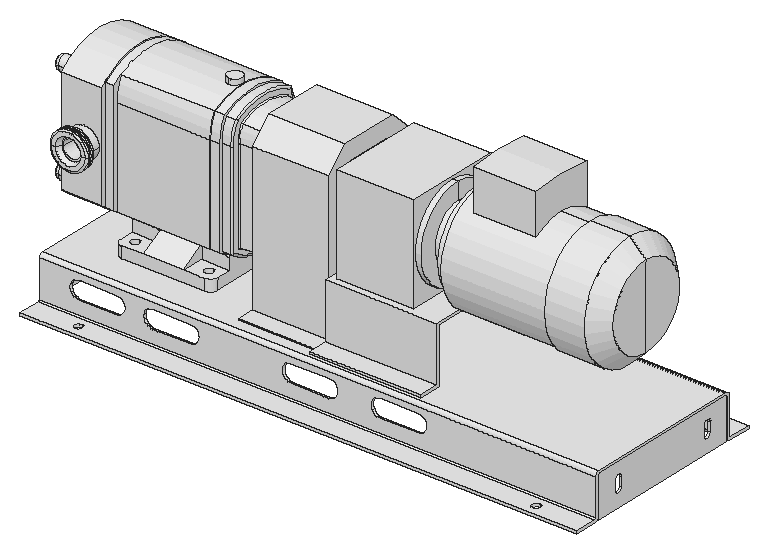
Revit family "MLP 20 - MR002 - Lobe Pump ", category Specialty Equipment, Revit 2022
Family settings
  Round Connector Dimension = Use Diameter
  Part Type = Normal
  Work Plane-Based = Yes
  Always vertical = No
  Cut with Voids When Loaded = No
  Maintain Annotation Orientation = No
  Shared = No
  Room Calculation Point = No
Parameters (values of type "MLP 20 - 0.75kW")
  URL = "https://en.ekinendustriyel.com/lobe-pumps/lobe-pumps"
  Pressure = 20.0 bar  # constant formula
  Motor Power = 0.75 kW  # constant formula
  Model = "MLP-20 TUL - MR002"
  Manufacturer = "Ekin Endüstriyel"
  Keynote = "Double Serpentine Heater Tank"
  Flow = 2.0 m³/h  # constant formula
  Description = "MIT MLP 20 - Lobe Pump"
  Default Elevation = 48"
Reference planes (in)
  plane 1 "Center (Front/Back)": y = 0
  plane 2: z = 0
  plane 3 "Center (Left/Right)": x = 0
Forms (in)
  Extrusion 1, solid, material "Ekin Endüstriyel_StainlesSteel", detail levels medium+fine
    sketch origin (0.5751, 0, 0) x (1, 0, 0) y (0, 1, 0)
      loop
        arc (-2.94291, -2.16535) -> (-2.8276, -2.44374) -> (-2.54921, -2.55906) r 0.3937
        line (-2.54921, -2.55906) -> (1.86024, -2.55906)
        arc (1.86024, -2.55906) -> (2.13862, -2.44374) -> (2.25394, -2.16535) r 0.3937
        line (2.25394, -2.16535) -> (2.25394, 2.16535)
        arc (2.25394, 2.16535) -> (2.13862, 2.44374) -> (1.86024, 2.55906) r 0.3937
        line (1.86024, 2.55906) -> (-2.54921, 2.55906)
        arc (-2.54921, 2.55906) -> (-2.8276, 2.44374) -> (-2.94291, 2.16535) r 0.3937
        line (-2.94291, 2.16535) -> (-2.94291, -2.16535)
      loop
        circle (-2.31299, 1.9685) r 0.23622
      loop
        circle (1.62402, 1.9685) r 0.23622
      loop
        circle (1.62402, -1.9685) r 0.23622
      loop
        circle (-2.31299, -1.9685) r 0.23622
    from 0 to 0.59055
  Extrusion 2, solid, material "Ekin Endüstriyel_StainlesSteel", detail levels medium+fine
    sketch origin (0, 0, 0) x (0, 1, 0) y (0, 0, 1)
      loop
        arc (2.55906, 7.79528) -> (0, 8.77953) -> (-2.55906, 7.79528) r 3.8189
        line (-2.55906, 7.79528) -> (-2.55906, 2.12598)
        arc (-2.55906, 2.12598) -> (0, 1.14173) -> (2.55906, 2.12598) r 3.8189
        line (2.55906, 2.12598) -> (2.55906, 7.79528)
    from -3.04134 to -5.20669
  Extrusion 3, solid, material "Ekin Endüstriyel_StainlesSteel", detail levels medium+fine
    sketch origin (0, 0, 0) x (0, 1, 0) y (0, 0, 1)
      loop
        arc (-2.3622, 1.95997) -> (0, 1.14173) -> (2.3622, 1.95997) r 3.8189
        line (2.3622, 1.95997) -> (2.3622, 7.96129)
        arc (2.3622, 7.96129) -> (0, 8.77953) -> (-2.3622, 7.96129) r 3.8189
        line (-2.3622, 7.96129) -> (-2.3622, 1.95997)
    from -3.04134 to -2.5689
  Extrusion 4, solid, material "Ekin Endüstriyel_StainlesSteel", detail levels medium+fine
    sketch origin (0, 0, 0) x (0, 1, 0) y (0, 0, 1)
      loop
        arc (-1.88976, 8.27918) -> (-2.12471, 7.68993) -> (-2.20472, 7.06063) r 2.51469
        line (-2.20472, 7.06063) -> (-2.20472, 1.84243)
        arc (-2.20472, 1.84243) -> (0, 1.14173) -> (2.20472, 1.84243) r 3.8189
        line (2.20472, 1.84243) -> (2.20472, 6.68734)
        arc (2.20472, 6.68734) -> (2.12523, 7.49869) -> (1.88976, 8.27918) r 4.18012
        arc (1.88976, 8.27918) -> (0, 8.77953) -> (-1.88976, 8.27918) r 3.8189
    from -2.5689 to 2.41142
  Sweep 5, solid, material "Ekin Endüstriyel_StainlesSteel", detail levels medium+fine
    path in 3D
      loop
        arc (2.41142, 1.88976, 8.27918) -> (2.41142, 2.12523, 7.49869) -> (2.41142, 2.20472, 6.68734) r 4.18012
        line (2.41142, 2.20472, 6.68734) -> (2.41142, 2.20472, 1.84243)
        arc (2.41142, 2.20472, 1.84243) -> (2.41142, 0, 1.14173) -> (2.41142, -2.20472, 1.84243) r 3.8189
        line (2.41142, -2.20472, 1.84243) -> (2.41142, -2.20472, 7.06063)
        arc (2.41142, -2.20472, 7.06063) -> (2.41142, -2.12471, 7.68993) -> (2.41142, -1.88976, 8.27918) r 2.51469
        arc (2.41142, -1.88976, 8.27918) -> (2.41142, 0, 8.77953) -> (2.41142, 1.88976, 8.27918) r 3.8189
    profile origin (2.41142, 0, 8.77953) x (0, 0, 1) y (1, 0, 0)
      loop
        line (-0.07874, 0.55118) -> (-0.07874, 1.06392)
        arc (-0.07874, 1.06392) -> (-0.10153, 1.11894) -> (-0.15655, 1.14173) r 0.07781
        line (-0.15655, 1.14173) -> (-0.40811, 1.14173)
        arc (-0.40811, 1.14173) -> (-0.45533, 1.1601) -> (-0.47774, 1.20553) r 0.06989
        line (-0.47774, 1.20553) -> (-0.58912, 2.4787)
        arc (-0.58912, 2.4787) -> (-0.61577, 2.53273) -> (-0.67191, 2.55456) r 0.0831
        line (-0.67191, 2.55456) -> (-0.82285, 2.55456) -> (-0.82285, 0.55118) -> (-0.82285, 0) -> (0, 0) -> (0, 0.55118) -> (-0.07874, 0.55118)
  Extrusion 6, solid, material "Ekin Endüstriyel_StainlesSteel", detail levels medium+fine
    sketch origin (0, 0, 0) x (0, 1, 0) y (0, 0, 1)
      loop
        arc (-1.26597, 7.67608) -> (-1.35265, 7.37376) -> (-1.38188, 7.06063) r 1.69184
        line (-1.38188, 7.06063) -> (-1.38188, 2.3023)
        arc (-1.38188, 2.3023) -> (0, 1.96458) -> (1.38188, 2.3023) r 2.99605
        line (1.38188, 2.3023) -> (1.38188, 6.68734)
        arc (1.38188, 6.68734) -> (1.34306, 7.1964) -> (1.2275, 7.69368) r 3.35728
        arc (1.2275, 7.69368) -> (-0.02115, 7.95661) -> (-1.26597, 7.67608) r 2.99605
    from 2.41142 to 4.96598
  Revolve 7, solid, material "Ekin Endüstriyel_StainlesSteel", detail levels medium+fine
    sketch origin (0, 0, 2.37219) x (1, 0, 0) y (0, 1, 0)
      loop
        line (-5.20669, 1.96048) -> (-5.86006, 1.96048)
        arc (-5.86006, 1.96048) -> (-5.93689, 1.94951) -> (-6.00757, 1.91745) r 0.27436
        arc (-6.00757, 1.91745) -> (-6.14408, 1.77012) -> (-6.19094, 1.5748) r 0.39679
        line (-6.19094, 1.5748) -> (-5.20669, 1.5748) -> (-5.20669, 1.96048)
      axis (-5.20669, 1.5748) -> (-6.19094, 1.5748)
    angle from 0 to 360
  Revolve 8, solid, material "Ekin Endüstriyel_StainlesSteel", detail levels medium+fine
    sketch origin (0, 0, 7.55182) x (1, 0, 0) y (0, 1, 0)
      loop
        line (-5.20669, 1.96048) -> (-5.86006, 1.96048)
        arc (-5.86006, 1.96048) -> (-5.93689, 1.94951) -> (-6.00757, 1.91745) r 0.27436
        arc (-6.00757, 1.91745) -> (-6.14408, 1.77012) -> (-6.19094, 1.5748) r 0.39679
        line (-6.19094, 1.5748) -> (-5.20669, 1.5748) -> (-5.20669, 1.96048)
      axis (-5.20669, 1.5748) -> (-6.19094, 1.5748)
    angle from 0 to 360
  Revolve 9, solid, material "Ekin Endüstriyel_StainlesSteel", detail levels medium+fine
    sketch origin (0, 0, 2.37219) x (1, 0, 0) y (0, 1, 0)
      loop
        line (-5.20669, -1.96048) -> (-5.20669, -1.5748) -> (-6.19094, -1.5748)
        arc (-6.19094, -1.5748) -> (-6.14408, -1.77012) -> (-6.00757, -1.91745) r 0.39679
        arc (-6.00757, -1.91745) -> (-5.93689, -1.94951) -> (-5.86006, -1.96048) r 0.27436
        line (-5.86006, -1.96048) -> (-5.20669, -1.96048)
      axis (-5.20669, -1.5748) -> (-6.19094, -1.5748)
    angle from 0 to 360
  Revolve 10, solid, material "Ekin Endüstriyel_StainlesSteel", detail levels medium+fine
    sketch origin (0, 0, 7.55182) x (1, 0, 0) y (0, 1, 0)
      loop
        line (-5.20669, -1.96048) -> (-5.20669, -1.5748) -> (-6.19094, -1.5748)
        arc (-6.19094, -1.5748) -> (-6.14408, -1.77012) -> (-6.00757, -1.91745) r 0.39679
        arc (-6.00757, -1.91745) -> (-5.93689, -1.94951) -> (-5.86006, -1.96048) r 0.27436
        line (-5.86006, -1.96048) -> (-5.20669, -1.96048)
      axis (-5.20669, -1.5748) -> (-6.19094, -1.5748)
    angle from 0 to 360
  Extrusion 11, solid, material "Ekin Endüstriyel_StainlesSteel"
    sketch origin (-5.20669, 0, 0) x (0, -1, 0) y (0, 0, 1)
      loop
        circle (0, 4.96063) r 1.9685
    from 0 to 0.3937
  Extrusion 12, solid, material "Ekin Endüstriyel_StainlesSteel", detail levels fine
    sketch origin (4.22244, 0, 6.02362) x (0, 0, 1) y (0, 1, 0)
      loop
        circle (0, 0) r 0.43307
    from -2.57874 to -0.74803
  Extrusion 13, void
    sketch origin (0, 0, 0) x (1, 0, 0) y (0, 0, 1)
      loop
        line (6.80118, 6.13969) -> (5.69991, 6.13969)
        arc (5.69991, 6.13969) -> (5.5818, 6.02158) -> (5.69991, 5.90347) r 0.11811
        line (5.69991, 5.90347) -> (6.80118, 5.90347) -> (6.80118, 6.13969)
    from 0.19685 to 0.53788
  Extrusion 14, solid, material "Ekin Endüstriyel_StainlesSteel", detail levels medium+fine
    sketch origin (0.5751, 0, 0) x (0, 1, 0) y (0, 0, 1)
      loop
        line (2.55906, 0.59055) -> (1.24375, 1.34994)
        arc (1.24375, 1.34994) -> (0, 1.14173) -> (-1.24375, 1.34994) r 3.8189
        line (-1.24375, 1.34994) -> (-2.55906, 0.59055) -> (2.55906, 0.59055)
    from -1.42655 to 0.73145
  Extrusion 15, solid, material "Ekin Endüstriyel_StainlesSteel", detail levels medium+fine
    sketch origin (0.5751, 0, 0) x (0, 1, 0) y (0, 0, 1)
      loop
        line (1.33982, 1.29448) -> (1.24375, 1.34994)
        arc (1.24375, 1.34994) -> (0, 1.14173) -> (-1.24375, 1.34994) r 3.8189
        line (-1.24375, 1.34994) -> (-1.33985, 1.29446)
        arc (-1.33985, 1.29446) -> (-1.36774, 1.26657) -> (-1.37795, 1.22846) r 0.07621
        line (-1.37795, 1.22846) -> (-1.37795, 0.59055) -> (1.37795, 0.59055) -> (1.37795, 1.22843)
        arc (1.37795, 1.22843) -> (1.36774, 1.26656) -> (1.33982, 1.29448) r 0.07626
    from -2.94291 to 2.25394
  Extrusion 16, solid, material "Ekin Endüstriyel_StainlesSteel", detail levels medium+fine
    sketch origin (1.73228, 0, 0) x (1, 0, 0) y (0, 1, 0)
      loop
        circle (0.24606, 0) r 0.3937
    from 8.7471 to 9.01575
  Extrusion 17, solid, material "Ekin Endüstriyel_StainlesSteel", detail levels coarse+medium
    sketch origin (-5.20669, 0, 0) x (0, -1, 0) y (0, 0, 1)
      loop
        circle (-1.5748, 7.55182) r 0.38568
      loop
        circle (1.5748, 7.55182) r 0.38568
      loop
        circle (1.5748, 2.37219) r 0.38568
      loop
        circle (-1.5748, 2.37219) r 0.38568
    from 0 to 1.00934
  Extrusion 18, solid, material "Ekin Endüstriyel_StainlesSteel", detail levels coarse+medium
    sketch origin (4.22244, 0, 6.02362) x (0, 0, 1) y (0, 1, 0)
      loop
        circle (0, 0) r 0.43307
    from -2.57874 to -0.74803
  Extrusion 19, solid, material "Ekin Endüstriyel_StainlesSteel", detail levels coarse
    sketch origin (0, 0, 0) x (0, 1, 0) y (0, 0, 1)
      loop
        arc (2.55906, 7.79528) -> (0, 8.77953) -> (-2.55906, 7.79528) r 3.8189
        line (-2.55906, 7.79528) -> (-2.55906, 2.12598)
        arc (-2.55906, 2.12598) -> (0, 1.14173) -> (2.55906, 2.12598) r 3.8189
        line (2.55906, 2.12598) -> (2.55906, 7.79528)
    from 4.97047 to -5.20669
  Extrusion 20, solid, material "Ekin Endüstriyel_StainlesSteel", detail levels coarse
    sketch origin (0.5751, 0, 0) x (1, 0, 0) y (0, 1, 0)
      loop
        arc (-2.94291, -2.16535) -> (-2.8276, -2.44374) -> (-2.54921, -2.55906) r 0.3937
        line (-2.54921, -2.55906) -> (1.86024, -2.55906)
        arc (1.86024, -2.55906) -> (2.13862, -2.44374) -> (2.25394, -2.16535) r 0.3937
        line (2.25394, -2.16535) -> (2.25394, 2.16535)
        arc (2.25394, 2.16535) -> (2.13862, 2.44374) -> (1.86024, 2.55906) r 0.3937
        line (1.86024, 2.55906) -> (-2.54921, 2.55906)
        arc (-2.54921, 2.55906) -> (-2.8276, 2.44374) -> (-2.94291, 2.16535) r 0.3937
        line (-2.94291, 2.16535) -> (-2.94291, -2.16535)
    from 0 to 0.59055
  Extrusion 21, solid, material "Ekin Endüstriyel_StainlesSteel", detail levels coarse
    sketch origin (0.5751, 0, 0) x (0, 1, 0) y (0, 0, 1)
      loop
        line (1.33982, 1.29448) -> (1.24375, 1.34994)
        arc (1.24375, 1.34994) -> (0, 1.14173) -> (-1.24375, 1.34994) r 3.8189
        line (-1.24375, 1.34994) -> (-1.33985, 1.29446)
        arc (-1.33985, 1.29446) -> (-1.36774, 1.26657) -> (-1.37795, 1.22846) r 0.07621
        line (-1.37795, 1.22846) -> (-1.37795, 0.59055) -> (1.37795, 0.59055) -> (1.37795, 1.22843)
        arc (1.37795, 1.22843) -> (1.36774, 1.26656) -> (1.33982, 1.29448) r 0.07626
    from -2.94291 to 2.25394
  Extrusion 22, solid, material "Ekin Endüstriyel_StainlesSteel", detail levels medium
    sketch origin (0.17389, 0, -0.00323) x (1, 0, 0) y (0, 0, -1)
      loop
        arc (-3.68286, -4.84818) -> (-4.18286, -4.34892) -> (-4.68285, -4.84818) r 0.5
        arc (-4.68285, -4.84818) -> (-4.18286, -5.34744) -> (-3.68286, -4.84818) r 0.5
      loop
        circle (-4.18286, -4.84791) r 0.99283
    from 2.55906 to 3.60112
  Extrusion 23, solid, material "Ekin Endüstriyel_StainlesSteel", detail levels coarse
    sketch origin (0.17389, 0, -0.00323) x (1, 0, 0) y (0, 0, -1)
      loop
        circle (-4.18286, -4.84744) r 0.99283
    from 2.55906 to 3.60112
  Revolve 24, solid, material "Ekin Endüstriyel_StainlesSteel", detail levels fine
    sketch origin (0.17389, 0, 4.84421) x (1, 0, 0) y (0, 1, 0)
      loop
        line (-4.98373, 2.55906) -> (-4.68286, 2.55906) -> (-4.68286, 3.32656) -> (-4.77298, 3.32656) -> (-4.87291, 3.60112) -> (-5.0934, 3.60112) -> (-5.17569, 3.55362) -> (-5.09681, 3.50808) -> (-5.17569, 3.46254) -> (-5.09681, 3.417) -> (-5.17569, 3.37146) -> (-5.09675, 3.32588) -> (-5.17569, 3.28031) -> (-5.09681, 3.23477) -> (-5.17654, 3.18874) -> (-4.98373, 3.18874) -> (-4.98373, 2.55906)
      axis (-4.18286, 2.55906) -> (-4.18286, 3.60112)
    angle from 0 to 360
  Extrusion 25, solid, material "Ekin Endüstriyel_StainlesSteel", detail levels medium
    sketch origin (0.17389, 0, -0.00323) x (1, 0, 0) y (0, 0, 1)
      loop
        arc (-3.68286, 4.84818) -> (-4.18286, 5.34744) -> (-4.68285, 4.84818) r 0.5
        arc (-4.68285, 4.84818) -> (-4.18286, 4.34892) -> (-3.68286, 4.84818) r 0.5
      loop
        circle (-4.18286, 4.84791) r 0.99283
    from 2.55906 to 3.60112
  Extrusion 26, solid, material "Ekin Endüstriyel_StainlesSteel", detail levels coarse
    sketch origin (0.17389, 0, -0.00323) x (1, 0, 0) y (0, 0, 1)
      loop
        circle (-4.18286, 4.84744) r 0.99283
    from 2.55906 to 3.60112
  Revolve 27, solid, material "Ekin Endüstriyel_StainlesSteel", detail levels fine
    sketch origin (0.17389, 0, 4.84421) x (1, 0, 0) y (0, 1, 0)
      loop
        line (-4.98373, -2.55906) -> (-4.98373, -3.18874) -> (-5.17654, -3.18874) -> (-5.09681, -3.23477) -> (-5.17569, -3.28031) -> (-5.09675, -3.32588) -> (-5.17569, -3.37146) -> (-5.09681, -3.417) -> (-5.17569, -3.46254) -> (-5.09681, -3.50808) -> (-5.17569, -3.55362) -> (-5.0934, -3.60112) -> (-4.87291, -3.60112) -> (-4.77298, -3.32656) -> (-4.68286, -3.32656) -> (-4.68286, -2.55906) -> (-4.98373, -2.55906)
      axis (-4.18286, -2.55906) -> (-4.18286, -3.60112)
    angle from 0 to 360
  Extrusion 28, solid, material "Ekin Endüstriyel_StainlesSteel"
    sketch origin (0, 0, 0) x (0, 1, 0) y (0, 0, 1)
      loop
        line (5.70866, -2.24409) -> (4.50787, -2.24409)
        arc (4.50787, -2.24409) -> (4.4522, -2.22103) -> (4.42913, -2.16535) r 0.07874
        line (4.42913, -2.16535) -> (4.42913, -0.19685)
        arc (4.42913, -0.19685) -> (4.37148, -0.05766) -> (4.23228, 0) r 0.19685
        line (4.23228, 0) -> (-4.23228, 0)
        arc (-4.23228, 0) -> (-4.37148, -0.05766) -> (-4.42913, -0.19685) r 0.19685
        line (-4.42913, -0.19685) -> (-4.42913, -2.16535)
        arc (-4.42913, -2.16535) -> (-4.4522, -2.22103) -> (-4.50787, -2.24409) r 0.07874
        line (-4.50787, -2.24409) -> (-5.70866, -2.24409) -> (-5.70866, -2.3622) -> (-4.50787, -2.3622)
        arc (-4.50787, -2.3622) -> (-4.36868, -2.30455) -> (-4.31102, -2.16535) r 0.19685
        line (-4.31102, -2.16535) -> (-4.31102, -0.19685)
        arc (-4.31102, -0.19685) -> (-4.28796, -0.14117) -> (-4.23228, -0.11811) r 0.07874
        line (-4.23228, -0.11811) -> (4.23228, -0.11811)
        arc (4.23228, -0.11811) -> (4.28796, -0.14117) -> (4.31102, -0.19685) r 0.07874
        line (4.31102, -0.19685) -> (4.31102, -2.16535)
        arc (4.31102, -2.16535) -> (4.36868, -2.30455) -> (4.50787, -2.3622) r 0.19685
        line (4.50787, -2.3622) -> (5.70866, -2.3622) -> (5.70866, -2.24409)
    from -4.89173 to 24.79331
  Extrusion 29, void
    sketch origin (0, -4.42913, -0.19685) x (0, 0, -1) y (1, 0, 0)
      loop
        line (0.29528, -0.79724) -> (0.29528, -2.76575)
        arc (0.29528, -2.76575) -> (0.7874, -3.25787) -> (1.27953, -2.76575) r 0.49213
        line (1.27953, -2.76575) -> (1.27953, -0.79724)
        arc (1.27953, -0.79724) -> (0.7874, -0.30512) -> (0.29528, -0.79724) r 0.49213
      loop
        arc (0.29528, 1.17126) -> (0.7874, 0.67913) -> (1.27953, 1.17126) r 0.49213
        line (1.27953, 1.17126) -> (1.27953, 3.13976)
        arc (1.27953, 3.13976) -> (0.7874, 3.63189) -> (0.29528, 3.13976) r 0.49213
        line (0.29528, 3.13976) -> (0.29528, 1.17126)
      loop
        line (0.29528, 10.54134) -> (0.29528, 8.57283)
        arc (0.29528, 8.57283) -> (0.7874, 8.08071) -> (1.27953, 8.57283) r 0.49213
        line (1.27953, 8.57283) -> (1.27953, 10.54134)
        arc (1.27953, 10.54134) -> (0.7874, 11.03346) -> (0.29528, 10.54134) r 0.49213
      loop
        arc (0.29528, 13.29724) -> (0.7874, 12.80512) -> (1.27953, 13.29724) r 0.49213
        line (1.27953, 13.29724) -> (1.27953, 15.26575)
        arc (1.27953, 15.26575) -> (0.7874, 15.75787) -> (0.29528, 15.26575) r 0.49213
        line (0.29528, 15.26575) -> (0.29528, 13.29724)
    from 0 to -8.85827
  Extrusion 30, solid, material "Ekin Endüstriyel_StainlesSteel", detail levels medium+fine
    sketch origin (-4.89173, 0, 0) x (0, -1, 0) y (0, 0, 1)
      loop
        line (-4.23228, -2.3622) -> (4.23228, -2.3622) -> (4.23228, -0.11811) -> (-4.23228, -0.11811) -> (-4.23228, -2.3622)
      loop
        arc (-2.71654, -0.94488) -> (-2.95276, -0.70866) -> (-3.18898, -0.94488) r 0.23622
        line (-3.18898, -0.94488) -> (-3.18898, -1.41732)
        arc (-3.18898, -1.41732) -> (-2.95276, -1.65354) -> (-2.71654, -1.41732) r 0.23622
        line (-2.71654, -1.41732) -> (-2.71654, -0.94488)
      loop
        arc (3.18898, -0.94488) -> (2.95276, -0.70866) -> (2.71654, -0.94488) r 0.23622
        line (2.71654, -0.94488) -> (2.71654, -1.41732)
        arc (2.71654, -1.41732) -> (2.95276, -1.65354) -> (3.18898, -1.41732) r 0.23622
        line (3.18898, -1.41732) -> (3.18898, -0.94488)
    from 0 to -0.11811
  Extrusion 31, solid, material "Ekin Endüstriyel_StainlesSteel", detail levels medium+fine
    sketch origin (24.6752, 0, 0) x (0, -1, 0) y (0, 0, 1)
      loop
        line (-4.23228, -2.3622) -> (4.23228, -2.3622) -> (4.23228, -0.11811) -> (-4.23228, -0.11811) -> (-4.23228, -2.3622)
      loop
        arc (-2.71654, -0.94488) -> (-2.95276, -0.70866) -> (-3.18898, -0.94488) r 0.23622
        line (-3.18898, -0.94488) -> (-3.18898, -1.41732)
        arc (-3.18898, -1.41732) -> (-2.95276, -1.65354) -> (-2.71654, -1.41732) r 0.23622
        line (-2.71654, -1.41732) -> (-2.71654, -0.94488)
      loop
        arc (3.18898, -0.94488) -> (2.95276, -0.70866) -> (2.71654, -0.94488) r 0.23622
        line (2.71654, -0.94488) -> (2.71654, -1.41732)
        arc (2.71654, -1.41732) -> (2.95276, -1.65354) -> (3.18898, -1.41732) r 0.23622
        line (3.18898, -1.41732) -> (3.18898, -0.94488)
    from 0 to -0.11811
  Extrusion 32, void
    sketch origin (0, 0, 0) x (1, 0, 0) y (0, 1, 0)
      loop
        circle (22.15551, 5.11811) r 0.21654
      loop
        circle (-2.25394, 5.11811) r 0.21654
      loop
        circle (-2.25394, -5.11811) r 0.21654
      loop
        circle (22.15551, -5.11811) r 0.21654
    from -2.3622 to -2.24409
  Extrusion 33, solid, material "Ekin Endüstriyel_StainlesSteel", detail levels coarse
    sketch origin (0, 0, 0) x (1, 0, 0) y (0, 1, 0)
      loop
        line (-4.89173, -5.70866) -> (24.79331, -5.70866) -> (24.79331, 5.70866) -> (-4.89173, 5.70866) -> (-4.89173, -5.70866)
    from 0 to -2.3622
  Extrusion 34, solid, material "Ekin Endüstriyel_StainlesSteel", detail levels medium+fine
    sketch origin (4.97047, 0, 0) x (0, 1, 0) y (0, 0, 1)
      loop
        line (-2.67923, 7.87349) -> (-2.67923, 0.05903) -> (-3.61548, 0.05903) -> (-3.61548, 0) -> (-1.72923, 0) -> (-1.72923, 7.47999) -> (-1.21364, 7.99558) -> (1.21372, 7.99558) -> (1.72931, 7.47999) -> (1.72931, 0) -> (3.61556, 0) -> (3.61556, 0.05903) -> (2.67931, 0.05903) -> (2.67931, 7.87349) -> (1.60722, 8.94558) -> (-1.60714, 8.94558) -> (-2.67923, 7.87349)
    from 0.09732 to 4.15561
  Extrusion 35, solid, material "Ekin Endüstriyel_StainlesSteel", detail levels coarse
    sketch origin (0, 0, 0) x (0, 1, 0) y (0, 0, 1)
      loop
        line (-2.95276, 3.07087) -> (-2.95276, 0) -> (2.95276, 0) -> (2.95276, 3.07087) -> (-2.95276, 3.07087)
    from 9.20276 to 15.10827
  Extrusion 36, solid, material "Ekin Endüstriyel_StainlesSteel", detail levels coarse
    sketch origin (4.97047, 0, 0) x (0, 1, 0) y (0, 0, 1)
      loop
        line (-2.67923, 7.87349) -> (-2.67923, 0) -> (2.67931, 0) -> (2.67931, 7.87349) -> (1.60722, 8.94558) -> (-1.60714, 8.94558) -> (-2.67923, 7.87349)
    from 0.09732 to 4.15561
  Extrusion 37, solid, material "Ekin Endüstriyel_StainlesSteel", detail levels medium+fine
    sketch origin (0, 0, 0) x (0, 1, 0) y (0, 0, 1)
      loop
        line (-4.01575, 0.11811) -> (-4.01575, 0) -> (-2.83465, 0) -> (-2.83465, 2.95276) -> (2.83465, 2.95276) -> (2.83465, 0) -> (4.01575, 0) -> (4.01575, 0.11811) -> (2.95276, 0.11811) -> (2.95276, 3.07087) -> (-2.95276, 3.07087) -> (-2.95276, 0.11811) -> (-4.01575, 0.11811)
    from 9.20276 to 15.10827
  Extrusion 38, solid, material "Ekin Endüstriyel_StainlesSteel", detail levels coarse
    sketch origin (0, 0, 0) x (0, 1, 0) y (0, 0, 1)
      loop
        circle (-0.00006, 5.68641) r 3.05788
    from 13.67561 to 23.92156
  Extrusion 39, solid, material "Ekin Endüstriyel_StainlesSteel", detail levels coarse
    sketch origin (0, 0, 0) x (0, 1, 0) y (0, 0, 1)
      loop
        line (-2.55913, 3.07087) -> (2.6008, 3.07087) -> (2.6008, 8.40858) -> (-2.55913, 8.40858) -> (-2.55913, 3.07087)
    from 9.12608 to 13.67561
  Revolve 40, solid, material "Ekin Endüstriyel_StainlesSteel", detail levels medium+fine
    sketch origin (0, -0.01526, 2.87402) x (0, 0, -1) y (1, 0, 0)
      loop
        line (-2.81331, 23.91825) -> (-5.01203, 23.91825) -> (-5.86733, 23.06295) -> (-5.86733, 20.95297) -> (-5.76618, 20.95297) -> (-5.76618, 15.36344) -> (-5.34866, 15.36344) -> (-5.34866, 14.85575) -> (-4.39481, 14.85575) -> (-4.39481, 13.9138) -> (-5.27384, 13.9138) -> (-5.27384, 13.552) -> (-2.81331, 13.552) -> (-2.81331, 23.91825)
      loop
        line (-4.81166, 9.12608) -> (-2.81331, 9.12608) -> (-2.81331, 9.48883) -> (-4.83702, 9.48883) -> (-4.81166, 9.12608)
      axis (-2.81331, 9.12608) -> (-2.81331, 23.91825)
    angle from 0 to 360
  Extrusion 41, solid, material "Ekin Endüstriyel_StainlesSteel", detail levels medium+fine
    sketch origin (23.91825, -0.01526, 5.68732) x (0, 1, 0) y (0, 0, 1)
      loop
        line (-1.65858, 1.61342) -> (1.68951, 1.61342) -> (1.68951, 4.61469)
        arc (1.68951, 4.61469) -> (0.01536, 4.74893) -> (-1.65858, 4.61214) r 10.40797
        line (-1.65858, 4.61214) -> (-1.65858, 1.61342)
    from -7.88069 to -4.53406
  Extrusion 42, solid, material "Ekin Endüstriyel_StainlesSteel", detail levels medium+fine
    sketch origin (0, -2.75591, 3.07087) x (0, 1, 0) y (-1, 0, 0)
      loop
        line (5.32619, -13.552) -> (5.32619, -9.48883) -> (0.18947, -9.48883) -> (0.18947, -13.552) -> (5.32619, -13.552)
    from 0 to 5.18683
Cuts and joins
  joined: Sweep 5, Extrusion 6
  Extrusion 13 cuts Extrusion 12
  joined: Extrusion 3, Extrusion 4, Extrusion 16
  joined: Extrusion 1, Extrusion 14, Extrusion 15
  Extrusion 29, Extrusion 32 cuts Extrusion 28
  joined: Revolve 40, Extrusion 41
Lines and regions (in)
  sketch lines
    curve 1: arc (2.41142, -1.88976, 8.27918) -> (2.41142, 0, 8.77953) -> (2.41142, 1.88976, 8.27918) r 3.8189
    curve 2: arc (2.41142, -2.20472, 7.06063) -> (2.41142, -2.12471, 7.68993) -> (2.41142, -1.88976, 8.27918) r 2.51469
    curve 3: line (2.41142, -2.20472, 7.06063) -> (2.41142, -2.20472, 1.84243)
    curve 4: arc (2.41142, 2.20472, 1.84243) -> (2.41142, 0, 1.14173) -> (2.41142, -2.20472, 1.84243) r 3.8189
    curve 5: line (2.41142, 2.20472, 1.84243) -> (2.41142, 2.20472, 6.68734)
    curve 6: arc (2.41142, 1.88976, 8.27918) -> (2.41142, 2.12523, 7.49869) -> (2.41142, 2.20472, 6.68734) r 4.18012
Dimensions and locks (in)
  aligned and locked: level to plane 2
Automatic sketch dimensions
  Extrusion 1 sketch curve to Extrusion 1 sketch curve = 0"  (x8)
  Extrusion 1 sketch curve to plane 3 "Center (Left/Right)" = 2.36782"
  Extrusion 1 sketch curve to Extrusion 1 sketch curve = 0.3937"  (x3)
  Extrusion 1 sketch curve to Extrusion 1 sketch curve = 0.23622"  (x8)
  plane 3 "Center (Left/Right)" to Extrusion 1 sketch curve = 2.19911"  (x2)
  plane 1 "Center (Front/Back)" to Extrusion 1 sketch curve = 2.55906"
  Extrusion 1 sketch curve to Extrusion 1 sketch curve = 0.19685"  (x3)
  Extrusion 1 sketch curve to plane 1 "Center (Front/Back)" = 1.9685"  (x2)
  Extrusion 2 sketch curve to Extrusion 2 sketch curve = 0"  (x2)
  Extrusion 2 sketch curve to plane 1 "Center (Front/Back)" = 0"
  plane 1 "Center (Front/Back)" to Extrusion 2 sketch curve = 2.55906"
  Extrusion 2 sketch curve to plane 1 "Center (Front/Back)" = 2.55906"
  level to Extrusion 2 sketch curve = 2.12598"
  Extrusion 2 sketch curve to Extrusion 2 sketch curve = 2.83465"  (x2)
  Extrusion 3 sketch curve to Extrusion 3 sketch curve = 0"  (x2)
  Extrusion 3 sketch curve to plane 1 "Center (Front/Back)" = 0"
  plane 1 "Center (Front/Back)" to Extrusion 3 sketch curve = 2.3622"
  Extrusion 3 sketch curve to plane 1 "Center (Front/Back)" = 2.3622"
  level to Extrusion 3 sketch curve = 1.95997"
  Extrusion 3 sketch curve to Extrusion 3 sketch curve = 3.00066"  (x2)
  Extrusion 4 sketch curve to Extrusion 4 sketch curve = 0"  (x2)
  Extrusion 4 sketch curve to plane 1 "Center (Front/Back)" = 0"
  plane 1 "Center (Front/Back)" to Extrusion 4 sketch curve = 1.9754"
  Extrusion 4 sketch curve to Extrusion 4 sketch curve = 0.22933"
  Extrusion 4 sketch curve to plane 1 "Center (Front/Back)" = 0.30997"
  Extrusion 4 sketch curve to plane 1 "Center (Front/Back)" = 2.20472"
  level to Extrusion 4 sketch curve = 1.84243"
  Extrusion 4 sketch curve to Extrusion 4 sketch curve = 3.1182"
  Extrusion 4 sketch curve to Extrusion 4 sketch curve = 1.72671"
  Extrusion 4 sketch curve to Extrusion 4 sketch curve = 0.37329"
  Extrusion 4 sketch curve to Extrusion 4 sketch curve = 0.31496"
  Sweep 5 sketch curve to profile plane = 0"  (x2)
  profile plane to Sweep 5 sketch curve = 0.07874"
  Sweep 5 sketch curve to Sweep 5 sketch curve = 0.07781"
  Sweep 5 sketch curve to Sweep 5 sketch curve = 0.25156"
  Sweep 5 sketch curve to Sweep 5 sketch curve = 0.06963"
  profile plane to Sweep 5 sketch curve = 0.58912"
  Sweep 5 sketch curve to Sweep 5 sketch curve = 0.08278"
  Sweep 5 sketch curve to Sweep 5 sketch curve = 0.15094"
  profile plane to Sweep 5 sketch curve = 0.55118"  (x2)
  Sweep 5 sketch curve to Sweep 5 sketch curve = 0.51274"
  Sweep 5 sketch curve to Sweep 5 sketch curve = 0.0638"
  Sweep 5 sketch curve to Sweep 5 sketch curve = 1.26593"
  Sweep 5 sketch curve to Sweep 5 sketch curve = 0.00724"
  Extrusion 6 sketch curve to Extrusion 6 sketch curve = 0"  (x2)
  Extrusion 6 sketch curve to plane 1 "Center (Front/Back)" = 0"
  plane 1 "Center (Front/Back)" to Extrusion 6 sketch curve = 1.38188"
  Extrusion 6 sketch curve to Extrusion 6 sketch curve = 0.59352"
  Extrusion 6 sketch curve to plane 1 "Center (Front/Back)" = 0.30997"
  Extrusion 6 sketch curve to plane 1 "Center (Front/Back)" = 1.38188"
  level to Extrusion 6 sketch curve = 2.3023"
  Extrusion 6 sketch curve to Extrusion 6 sketch curve = 2.65833"
  Extrusion 6 sketch curve to Extrusion 6 sketch curve = 1.72671"
  Extrusion 6 sketch curve to Extrusion 6 sketch curve = 0.37329"
  Extrusion 6 sketch curve to Extrusion 6 sketch curve = 0.11591"
  Revolve 7 sketch curve to plane 1 "Center (Front/Back)" = 1.5748"
  Revolve 7 sketch curve to plane 3 "Center (Left/Right)" = 6.19094"
  Revolve 7 sketch curve to Revolve 7 sketch curve = 0.33088"
  Revolve 7 sketch curve to Revolve 7 sketch curve = 0.06583"
  Revolve 7 sketch curve to Revolve 7 sketch curve = 0.58754"
  Revolve 7 sketch curve to Revolve 7 sketch curve = 0.00809"
  Revolve 7 sketch curve to Revolve 7 sketch curve = 0.10324"
  Revolve 7 sketch curve to Revolve 7 sketch curve = 0.04303"
  Revolve 7 sketch curve to Revolve 7 sketch curve = 0"  (x2)
  Revolve 7 sketch curve to Revolve 7 sketch curve = 0.43306"
  Revolve 8 sketch curve to plane 1 "Center (Front/Back)" = 1.5748"
  Revolve 8 sketch curve to plane 3 "Center (Left/Right)" = 6.19094"
  Revolve 8 sketch curve to Revolve 8 sketch curve = 0.33088"
  Revolve 8 sketch curve to Revolve 8 sketch curve = 0.06583"
  Revolve 8 sketch curve to Revolve 8 sketch curve = 0.58754"
  Revolve 8 sketch curve to Revolve 8 sketch curve = 0.00809"
  Revolve 8 sketch curve to Revolve 8 sketch curve = 0.10324"
  Revolve 8 sketch curve to Revolve 8 sketch curve = 0.04303"
  Revolve 8 sketch curve to Revolve 8 sketch curve = 0"  (x2)
  Revolve 8 sketch curve to Revolve 8 sketch curve = 0.43306"
  plane 1 "Center (Front/Back)" to Revolve 9 sketch curve = 1.5748"
  Revolve 9 sketch curve to plane 3 "Center (Left/Right)" = 6.19094"
  Revolve 9 sketch curve to Revolve 9 sketch curve = 0.33088"
  Revolve 9 sketch curve to Revolve 9 sketch curve = 0.06583"
  Revolve 9 sketch curve to Revolve 9 sketch curve = 0.58754"
  Revolve 9 sketch curve to Revolve 9 sketch curve = 0.00809"
  Revolve 9 sketch curve to Revolve 9 sketch curve = 0.10324"
  Revolve 9 sketch curve to Revolve 9 sketch curve = 0.38568"
  Revolve 9 sketch curve to Revolve 9 sketch curve = 0"  (x2)
  Revolve 9 sketch curve to Revolve 9 sketch curve = 0.43306"
  plane 1 "Center (Front/Back)" to Revolve 10 sketch curve = 1.5748"
  Revolve 10 sketch curve to plane 3 "Center (Left/Right)" = 6.19094"
  Revolve 10 sketch curve to Revolve 10 sketch curve = 0.33088"
  Revolve 10 sketch curve to Revolve 10 sketch curve = 0.06583"
  Revolve 10 sketch curve to Revolve 10 sketch curve = 0.58754"
  Revolve 10 sketch curve to Revolve 10 sketch curve = 0.00809"
  Revolve 10 sketch curve to Revolve 10 sketch curve = 0.10324"
  Revolve 10 sketch curve to Revolve 10 sketch curve = 0.38568"
  Revolve 10 sketch curve to Revolve 10 sketch curve = 0"  (x2)
  Revolve 10 sketch curve to Revolve 10 sketch curve = 0.43306"
  Extrusion 12 sketch curve to Extrusion 12 sketch curve = 0"  (x2)
  Extrusion 12 sketch curve to plane 1 "Center (Front/Back)" = 0"
  level to Extrusion 12 sketch curve = 6.02362"
  plane 1 "Center (Front/Back)" to Extrusion 12 sketch curve = 0.43307"
  plane 3 "Center (Left/Right)" to Extrusion 13 sketch curve = 5.69991"
  Extrusion 13 sketch curve to Extrusion 13 sketch curve = 1.10127"
  level to Extrusion 13 sketch curve = 5.90347"
  Extrusion 13 sketch curve to Extrusion 13 sketch curve = 0.11811"
  Extrusion 14 sketch curve to plane 1 "Center (Front/Back)" = 0"
  plane 1 "Center (Front/Back)" to Extrusion 14 sketch curve = 1.24375"
  level to Extrusion 14 sketch curve = 0.59055"
  Extrusion 14 sketch curve to Extrusion 14 sketch curve = 1.3153"  (x2)
  Extrusion 14 sketch curve to plane 1 "Center (Front/Back)" = 1.24375"
  level to Extrusion 14 sketch curve = 1.34994"
  Extrusion 14 sketch curve to Extrusion 14 sketch curve = 3.61069"
  Extrusion 15 sketch curve to plane 1 "Center (Front/Back)" = 0"
  plane 1 "Center (Front/Back)" to Extrusion 15 sketch curve = 1.24375"
  Extrusion 15 sketch curve to Extrusion 15 sketch curve = 0.05799"
  Extrusion 15 sketch curve to Extrusion 15 sketch curve = 0.03811"
  Extrusion 15 sketch curve to Extrusion 15 sketch curve = 0.07621"
  Extrusion 15 sketch curve to plane 1 "Center (Front/Back)" = 1.24375"
  Extrusion 15 sketch curve to Extrusion 15 sketch curve = 0.05794"
  Extrusion 15 sketch curve to Extrusion 15 sketch curve = 0.03813"  (x2)
  level to Extrusion 15 sketch curve = 0.59055"
  Extrusion 15 sketch curve to Extrusion 15 sketch curve = 0.63788"
  Extrusion 15 sketch curve to Extrusion 15 sketch curve = 0.63791"
  Extrusion 15 sketch curve to Extrusion 15 sketch curve = 0.05548"
  Extrusion 15 sketch curve to Extrusion 15 sketch curve = 3.61069"
  Extrusion 16 sketch curve to Extrusion 16 sketch curve = 0"  (x2)
  plane 1 "Center (Front/Back)" to Extrusion 16 sketch curve = 0"
  plane 3 "Center (Left/Right)" to Extrusion 16 sketch curve = 1.97835"
  plane 1 "Center (Front/Back)" to Extrusion 16 sketch curve = 0.3937"
  Extrusion 17 sketch curve to Extrusion 17 sketch curve = 0"  (x10)
  Extrusion 17 sketch curve to Extrusion 2 = 0.98425"  (x4)
  Extrusion 17 sketch curve to Extrusion 17 sketch curve = 5.17963"
  Extrusion 17 sketch curve to Extrusion 17 sketch curve = 0.38568"  (x4)
  Extrusion 18 sketch curve to Extrusion 18 sketch curve = 0"  (x2)
  Extrusion 18 sketch curve to plane 1 "Center (Front/Back)" = 0"
  level to Extrusion 18 sketch curve = 6.02362"
  plane 1 "Center (Front/Back)" to Extrusion 18 sketch curve = 0.43307"
  Extrusion 19 sketch curve to Extrusion 19 sketch curve = 0"  (x2)
  Extrusion 19 sketch curve to plane 1 "Center (Front/Back)" = 0"
  plane 1 "Center (Front/Back)" to Extrusion 19 sketch curve = 2.55906"
  Extrusion 19 sketch curve to plane 1 "Center (Front/Back)" = 2.55906"
  level to Extrusion 19 sketch curve = 2.12598"
  Extrusion 19 sketch curve to Extrusion 19 sketch curve = 2.83465"  (x2)
  Extrusion 20 sketch curve to plane 3 "Center (Left/Right)" = 2.36782"
  Extrusion 20 sketch curve to Extrusion 20 sketch curve = 0.3937"  (x3)
  plane 3 "Center (Left/Right)" to Extrusion 20 sketch curve = 2.43533"  (x2)
  plane 1 "Center (Front/Back)" to Extrusion 20 sketch curve = 2.55906"
  Extrusion 20 sketch curve to plane 1 "Center (Front/Back)" = 2.16535"
  Extrusion 21 sketch curve to plane 1 "Center (Front/Back)" = 0"
  plane 1 "Center (Front/Back)" to Extrusion 21 sketch curve = 1.24375"
  Extrusion 21 sketch curve to Extrusion 21 sketch curve = 0.05799"
  Extrusion 21 sketch curve to Extrusion 21 sketch curve = 0.03811"
  Extrusion 21 sketch curve to Extrusion 21 sketch curve = 0.07621"
  Extrusion 21 sketch curve to plane 1 "Center (Front/Back)" = 1.24375"
  Extrusion 21 sketch curve to Extrusion 21 sketch curve = 0.05794"
  Extrusion 21 sketch curve to Extrusion 21 sketch curve = 0.03813"  (x2)
  level to Extrusion 21 sketch curve = 0.59055"
  Extrusion 21 sketch curve to Extrusion 21 sketch curve = 0.63788"
  Extrusion 21 sketch curve to Extrusion 21 sketch curve = 0.63791"
  Extrusion 21 sketch curve to Extrusion 21 sketch curve = 0.05548"
  Extrusion 21 sketch curve to Extrusion 21 sketch curve = 3.61069"
  Extrusion 22 sketch curve to Extrusion 22 sketch curve = 0"  (x7)
  Extrusion 22 sketch curve to plane 3 "Center (Left/Right)" = 4.00897"
  level to Extrusion 22 sketch curve = 4.84569"
  Extrusion 22 sketch curve to Extrusion 22 sketch curve = 0.00148"
  Extrusion 22 sketch curve to Extrusion 22 sketch curve = 0.5"
  Extrusion 22 sketch curve to Extrusion 22 sketch curve = 0.49283"  (x2)
  Extrusion 22 sketch curve to Extrusion 22 sketch curve = 0.00039"
  Extrusion 22 sketch curve to Extrusion 22 sketch curve = 0.00089"
  Extrusion 23 sketch curve to plane 3 "Center (Left/Right)" = 4.00897"
  level to Extrusion 23 sketch curve = 4.84421"
  Revolve 24 sketch curve to plane 3 "Center (Left/Right)" = 5.00265"
  Revolve 24 sketch curve to Revolve 24 sketch curve = 0.00085"  (x2)
  Revolve 24 sketch curve to Revolve 24 sketch curve = 0"  (x2)
  Revolve 24 sketch curve to Revolve 24 sketch curve = 0.07888"  (x3)
  Revolve 24 sketch curve to Revolve 24 sketch curve = 0.00006"
  Revolve 24 sketch curve to Revolve 24 sketch curve = 0.00341"
  Revolve 24 sketch curve to Revolve 24 sketch curve = 0.11308"
  Revolve 24 sketch curve to Revolve 24 sketch curve = 0.22049"
  Revolve 24 sketch curve to Revolve 24 sketch curve = 0.21075"
  Revolve 24 sketch curve to Revolve 24 sketch curve = 0.09012"
  Revolve 24 sketch curve to plane 1 "Center (Front/Back)" = 2.55906"
  Revolve 24 sketch curve to Revolve 24 sketch curve = 0.62968"
  Revolve 24 sketch curve to Revolve 24 sketch curve = 0.04603"
  Revolve 24 sketch curve to Revolve 24 sketch curve = 0.04554"  (x5)
  Revolve 24 sketch curve to Revolve 24 sketch curve = 0.09112"
  Revolve 24 sketch curve to Revolve 24 sketch curve = 0.13782"
  Revolve 24 sketch curve to Revolve 24 sketch curve = 0.09115"
  Revolve 24 sketch curve to Revolve 24 sketch curve = 0.09305"
  Revolve 24 sketch curve to Revolve 24 sketch curve = 0.5"
  Revolve 24 sketch curve to Revolve 24 sketch curve = 0.12463"
  Revolve 24 sketch curve to Revolve 24 sketch curve = 0.49747"
  Extrusion 25 sketch curve to Extrusion 25 sketch curve = 0"  (x7)
  Extrusion 25 sketch curve to plane 3 "Center (Left/Right)" = 4.00897"
  level to Extrusion 25 sketch curve = 4.84421"
  Extrusion 25 sketch curve to Extrusion 25 sketch curve = 0.00148"
  Extrusion 25 sketch curve to Extrusion 25 sketch curve = 0.5"
  Extrusion 25 sketch curve to Extrusion 25 sketch curve = 0.49283"  (x2)
  Extrusion 25 sketch curve to Extrusion 25 sketch curve = 0.00016"
  Extrusion 25 sketch curve to Extrusion 25 sketch curve = 0.00089"
  Extrusion 26 sketch curve to plane 3 "Center (Left/Right)" = 4.00897"
  level to Extrusion 26 sketch curve = 4.84421"
  Revolve 27 sketch curve to plane 3 "Center (Left/Right)" = 5.00265"
  Revolve 27 sketch curve to Revolve 27 sketch curve = 0.00085"  (x2)
  Revolve 27 sketch curve to Revolve 27 sketch curve = 0"  (x2)
  Revolve 27 sketch curve to Revolve 27 sketch curve = 0.07888"  (x3)
  Revolve 27 sketch curve to Revolve 27 sketch curve = 0.00006"
  Revolve 27 sketch curve to Revolve 27 sketch curve = 0.00341"
  Revolve 27 sketch curve to Revolve 27 sketch curve = 0.11308"
  Revolve 27 sketch curve to Revolve 27 sketch curve = 0.22049"
  Revolve 27 sketch curve to Revolve 27 sketch curve = 0.21075"
  Revolve 27 sketch curve to Revolve 27 sketch curve = 0.09012"
  plane 1 "Center (Front/Back)" to Revolve 27 sketch curve = 3.60112"
  Revolve 27 sketch curve to Revolve 27 sketch curve = 0.04751"
  Revolve 27 sketch curve to Revolve 27 sketch curve = 0.04554"  (x5)
  Revolve 27 sketch curve to Revolve 27 sketch curve = 0.27457"
  Revolve 27 sketch curve to Revolve 27 sketch curve = 0.09112"
  Revolve 27 sketch curve to Revolve 27 sketch curve = 0.09115"
  Revolve 27 sketch curve to Revolve 27 sketch curve = 0.04603"
  Revolve 27 sketch curve to Revolve 27 sketch curve = 0.62968"
  Revolve 27 sketch curve to Revolve 27 sketch curve = 0.5"
  Revolve 27 sketch curve to Revolve 27 sketch curve = 0.49747"
  Revolve 27 sketch curve to Revolve 27 sketch curve = 0.12463"
  Extrusion 28 sketch curve to Extrusion 28 sketch curve = 0"  (x9)
  Extrusion 28 sketch curve to level = 0"
  Extrusion 28 sketch curve to level = 2.3622"  (x2)
  plane 1 "Center (Front/Back)" to Extrusion 28 sketch curve = 5.70866"
  Extrusion 28 sketch curve to Extrusion 28 sketch curve = 1.20079"  (x2)
  Extrusion 28 sketch curve to level = 0.19685"
  Extrusion 28 sketch curve to Extrusion 28 sketch curve = 0.07874"  (x3)
  Extrusion 28 sketch curve to Extrusion 28 sketch curve = 0.11811"
  Extrusion 28 sketch curve to plane 1 "Center (Front/Back)" = 4.23228"
  Extrusion 28 to Extrusion 29 sketch curve = 0.29528"  (x4)
  Extrusion 29 sketch curve to Extrusion 29 sketch curve = 0.49213"  (x4)
  Extrusion 28 to Extrusion 29 sketch curve = 2.12598"
  Extrusion 29 sketch curve to Extrusion 29 sketch curve = 1.9685"  (x5)
  Extrusion 29 sketch curve to Extrusion 29 sketch curve = 5.43307"
  Extrusion 29 sketch curve to Extrusion 29 sketch curve = 2.75591"
  Extrusion 30 sketch curve to level = 0.11811"
  Extrusion 30 sketch curve to plane 1 "Center (Front/Back)" = 4.23228"
  Extrusion 30 sketch curve to Extrusion 30 sketch curve = 1.04331"  (x2)
  Extrusion 30 sketch curve to Extrusion 30 sketch curve = 0.23622"  (x2)
  plane 1 "Center (Front/Back)" to Extrusion 30 sketch curve = 2.71654"
  Extrusion 30 sketch curve to level = 0.94488"  (x2)
  Extrusion 30 sketch curve to Extrusion 30 sketch curve = 0.47244"  (x2)
  Extrusion 30 sketch curve to Extrusion 30 sketch curve = 0.94488"
  Extrusion 31 sketch curve to level = 0.11811"
  Extrusion 31 sketch curve to plane 1 "Center (Front/Back)" = 4.23228"
  Extrusion 31 sketch curve to Extrusion 31 sketch curve = 1.04331"  (x2)
  Extrusion 31 sketch curve to Extrusion 31 sketch curve = 0.23622"  (x2)
  plane 1 "Center (Front/Back)" to Extrusion 31 sketch curve = 2.71654"
  Extrusion 31 sketch curve to level = 0.94488"  (x2)
  Extrusion 31 sketch curve to Extrusion 31 sketch curve = 0.47244"  (x2)
  Extrusion 31 sketch curve to Extrusion 31 sketch curve = 0.94488"
  Extrusion 32 sketch curve to plane 1 "Center (Front/Back)" = 5.11811"  (x2)
  plane 3 "Center (Left/Right)" to Extrusion 32 sketch curve = 22.15551"
  Extrusion 32 sketch curve to Extrusion 32 sketch curve = 0.21654"  (x4)
  Extrusion 32 sketch curve to plane 3 "Center (Left/Right)" = 2.25394"  (x2)
  plane 1 "Center (Front/Back)" to Extrusion 32 sketch curve = 5.11811"  (x2)
  Extrusion 32 sketch curve to Extrusion 32 sketch curve = 0"  (x3)
  Extrusion 33 sketch curve to plane 3 "Center (Left/Right)" = 4.89173"
  plane 1 "Center (Front/Back)" to Extrusion 33 sketch curve = 5.70866"
  Extrusion 33 sketch curve to plane 1 "Center (Front/Back)" = 5.70866"
  plane 3 "Center (Left/Right)" to Extrusion 33 sketch curve = 24.79331"
  Extrusion 19 to Extrusion 34 sketch curve = 1.05643"
  Extrusion 19 to Extrusion 34 sketch curve = 0.12017"
  Extrusion 34 sketch curve to Extrusion 19 = 0.82983"
  Extrusion 34 sketch curve to Extrusion 19 = 0.95191"
  Extrusion 34 sketch curve to Extrusion 34 sketch curve = 0.51559"  (x2)
  Extrusion 34 sketch curve to Extrusion 19 = 1.34534"
  Extrusion 34 sketch curve to Extrusion 19 = 0.95183"
  Extrusion 34 sketch curve to Extrusion 19 = 0.82975"
  Extrusion 19 to Extrusion 34 sketch curve = 0.12025"
  Extrusion 34 sketch curve to Extrusion 34 sketch curve = 0.93625"
  Extrusion 34 sketch curve to Extrusion 34 sketch curve = 0.05903"  (x3)
  Extrusion 34 sketch curve to Extrusion 34 sketch curve = 7.47999"
  Extrusion 34 sketch curve to Extrusion 34 sketch curve = 0"
  Extrusion 34 sketch curve to Extrusion 34 sketch curve = 0.3935"  (x2)
  Extrusion 34 sketch curve to Extrusion 34 sketch curve = 0.95"
  plane 1 "Center (Front/Back)" to Extrusion 35 sketch curve = 2.95276"
  Extrusion 19 to Extrusion 36 sketch curve = 0.12017"
  Extrusion 36 sketch curve to Extrusion 19 = 0.95191"
  Extrusion 36 sketch curve to Extrusion 19 = 0.95183"
  Extrusion 19 to Extrusion 36 sketch curve = 0.12025"
  Extrusion 37 sketch curve to level = 0"  (x2)
  level to Extrusion 37 sketch curve = 0.11811"  (x2)
  plane 1 "Center (Front/Back)" to Extrusion 37 sketch curve = 4.01575"
  plane 1 "Center (Front/Back)" to Extrusion 37 sketch curve = 2.95276"
  Extrusion 37 sketch curve to Extrusion 37 sketch curve = 0.11811"  (x3)
  Extrusion 37 sketch curve to plane 1 "Center (Front/Back)" = 2.83465"
  Extrusion 37 sketch curve to Extrusion 37 sketch curve = 1.06299"
  Extrusion 37 sketch curve to Extrusion 37 sketch curve = 2.83465"
  Extrusion 36 sketch curve to Extrusion 36 sketch curve = 7.87349"
  Extrusion 36 sketch curve to Extrusion 36 sketch curve = 0"
  Extrusion 36 sketch curve to Extrusion 36 sketch curve = 1.07208"
  level to Extrusion 35 sketch curve = 0"
  Extrusion 35 sketch curve to Extrusion 35 sketch curve = 5.90551"
  Extrusion 35 sketch curve to Extrusion 35 sketch curve = 3.07087"
  plane 1 "Center (Front/Back)" to Extrusion 38 sketch curve = 0.00006"
  level to Extrusion 38 sketch curve = 5.68641"
  plane 1 "Center (Front/Back)" to Extrusion 39 sketch curve = 2.55913"
  Extrusion 39 sketch curve to plane 1 "Center (Front/Back)" = 2.6008"
  level to Extrusion 39 sketch curve = 3.07087"
  Extrusion 39 sketch curve to Extrusion 39 sketch curve = 5.33772"
  Extrusion 41 sketch curve to Revolve 40 = 0.02328"
  Extrusion 41 sketch curve to Extrusion 41 sketch curve = 7.27246"
  Extrusion 41 sketch curve to Extrusion 41 sketch curve = 3.00127"
  Revolve 40 to Extrusion 41 sketch curve = 1.65858"
  Extrusion 41 sketch curve to Revolve 40 = 1.68951"
  Extrusion 42 sketch curve to Extrusion 37 = 0.38632"
  Extrusion 37 to Extrusion 42 sketch curve = 0.38247"
  Extrusion 37 to Extrusion 42 sketch curve = 1.55627"
  Extrusion 37 to Extrusion 42 sketch curve = 0.28608"
  level to Revolve 40 sketch curve = 8.74134"
  Revolve 40 sketch curve to Revolve 40 sketch curve = 0.10115"
  Revolve 40 sketch curve to Revolve 40 sketch curve = 0.41752"
  Revolve 40 sketch curve to Revolve 40 sketch curve = 0.07481"
  Revolve 40 sketch curve to Revolve 40 sketch curve = 0.8553"  (x2)
  Revolve 40 sketch curve to Revolve 40 sketch curve = 0.43682"
  Revolve 40 sketch curve to Revolve 40 sketch curve = 0.02537"
  Revolve 40 sketch curve to Revolve 40 sketch curve = 0.87903"
  Revolve 40 sketch curve to Revolve 40 sketch curve = 2.19872"
  plane 3 "Center (Left/Right)" to Revolve 40 sketch curve = 9.12608"
  Revolve 40 sketch curve to Revolve 40 sketch curve = 0.36275"
  Revolve 40 sketch curve to Revolve 40 sketch curve = 4.06316"
  Revolve 40 sketch curve to Revolve 40 sketch curve = 0.36181"
  Revolve 40 sketch curve to Revolve 40 sketch curve = 0.94195"
  Revolve 40 sketch curve to Revolve 40 sketch curve = 0.50769"
  Revolve 40 sketch curve to Revolve 40 sketch curve = 5.58953"
  Revolve 40 sketch curve to Revolve 40 sketch curve = 2.10998"
  Revolve 40 sketch curve to Revolve 40 sketch curve = 1.99835"
  Revolve 40 sketch curve to Revolve 40 sketch curve = 0"  (x2)
  Revolve 40 sketch curve to Revolve 40 sketch curve = 2.83267"
  radius of Extrusion 11 sketch curve to Extrusion 2 = 1.85039"
  radius of Extrusion 23 sketch curve = 0.99283"
  radius of Extrusion 26 sketch curve = 0.99283"
  radius of Extrusion 38 sketch curve = 3.05788"
Connectors (in)
  piping at (-4.00897, 3.60112, 4.84495), diameter 1
    settings: on Extrusion 22, index 1, connector inside diameter 609.6 mm, connector length 0", flow factor 0, pipe flow 0.0 m³/h, pressure drop 0.0 bar, fitting loss kfactor 0, connector angle 0.00°, fixture units 0, engagement length 0", angle of deflection 0.00°, flow configuration 0, flow direction 0, fitting loss method 0, system type 7, joint type 0, gender type 0, connector reference index -1, connector utility 0, adjustable connector no, is connector primary yes, connector description ""
  piping at (-4.00897, -3.60112, 4.84495), diameter 1
    settings: on Extrusion 25, index 2, connector inside diameter 609.6 mm, connector length 0", flow factor 0, pipe flow 0.0 m³/h, pressure drop 0.0 bar, fitting loss kfactor 0, connector angle 0.00°, fixture units 0, engagement length 0", angle of deflection 0.00°, flow configuration 0, flow direction 0, fitting loss method 0, system type 7, joint type 0, gender type 0, connector reference index -1, connector utility 0, adjustable connector no, is connector primary no, connector description ""
